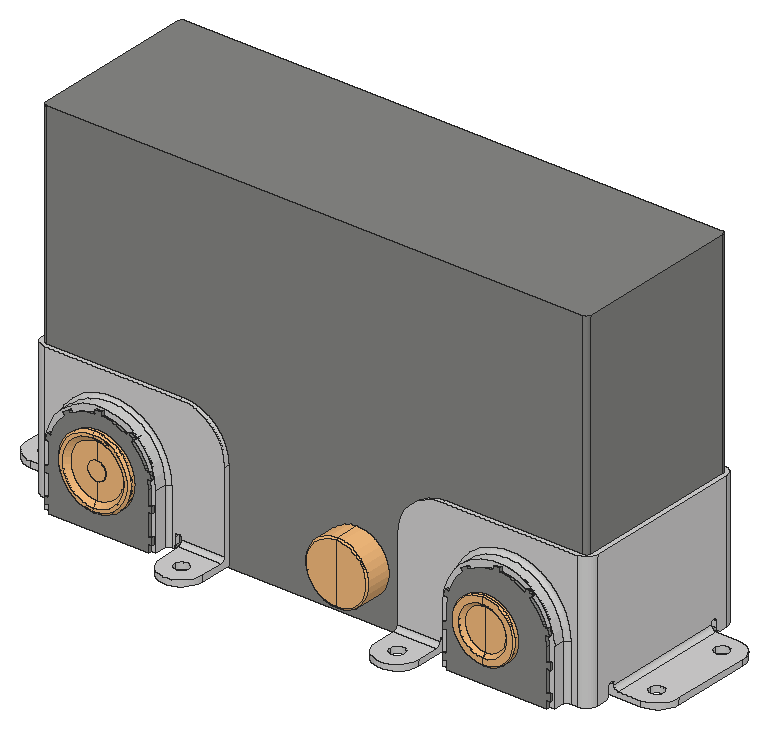
Revit family "Faucet-Valves_and_Controls-KALLISTA-P34723_1", category Plumbing Fixtures, host Face, Revit 2021 (continued)
Definition of nested family "P34723"
  Lines and regions (in)
    symbolic lines, detail levels medium+fine
      curve 210: line (0, 1.8504, 0.07802) -> (0, 1.8504, 1.91925)
      curve 211: line (0, 1.92914, 0) -> (0, 1.92914, 1.91742)
      curve 212: line (0, 1.51576, 3.99648) -> (0, 1.43702, 3.99648)
      curve 213: line (0, -1.51574, 3.99648) -> (0, -1.51574, 3.95695)
      curve 214: line (0, -1.51574, 3.95695) -> (0, -1.437, 3.95695)
      curve 215: line (0, 1.51576, 3.2092) -> (0, 1.43702, 3.2092)
      curve 216: line (0, -1.51574, 3.16852) -> (0, -1.437, 3.16852)
      curve 217: line (0, 1.51576, 5.70866) -> (0, -1.51574, 5.70866)
      curve 218: line (0, -1.437, 3.99648) -> (0, -1.51574, 3.99648)
      curve 219: line (0, -1.437, 3.99648) -> (0, -1.437, 6.10236)
      curve 220: line (0, -1.437, 3.95695) -> (0, 1.43702, 3.95695)
      curve 221: line (0, 1.43702, 3.99648) -> (0, -1.437, 3.99648)
      curve 222: line (0, 1.43702, 3.95695) -> (0, 1.43702, 3.2092)
      curve 223: line (0, 1.43702, 3.95695) -> (0, 1.51576, 3.95695)
      curve 224: line (0, 1.43702, 3.2092) -> (0, -1.437, 3.2092)
      curve 225: line (0, 1.43702, 3.16852) -> (0, 1.43702, 0.01953)
      curve 226: line (0, 1.43702, 3.16852) -> (0, 1.51576, 3.16852)
      curve 227: line (0, -1.437, 3.2092) -> (0, -1.51574, 3.2092)
      curve 228: line (0, -1.437, 3.2092) -> (0, -1.437, 3.95695)
      curve 229: line (0, -1.437, 3.16852) -> (0, 1.43702, 3.16852)
      curve 230: line (0, 1.79192, 0.01953) -> (0, 1.24188, 0.01953)
      curve 231: line (0, 1.17945, 0.08197) -> (0, 1.17945, 0.21796)
      curve 232: line (0, 1.06236, 0.21796) -> (0, 1.06236, 0.01984)
      curve 233: line (0, 0.00001, 0.01984) -> (0, 1.06236, 0.01984)
      curve 234: arc (0, 1.79192, 0.01953) -> (0, 1.83327, 0.03666) -> (0, 1.8504, 0.07802) r 0.05848
      curve 235: arc (0, 1.24188, 0.01953) -> (0, 1.19774, 0.03782) -> (0, 1.17945, 0.08197) r 0.06244
      curve 236: arc (0, 1.17945, 0.21796) -> (0, 1.12091, 0.2765) -> (0, 1.06236, 0.21796) r 0.05854
      curve 237: line (0, -1.79177, 0.01953) -> (0, -1.24174, 0.01953)
      curve 238: line (0, -1.1793, 0.08197) -> (0, -1.1793, 0.21796)
      curve 239: line (0, -1.06221, 0.21796) -> (0, -1.06221, 0.01984)
      curve 240: line (0, 0.00001, 0.01984) -> (0, -1.06221, 0.01984)
      curve 241: arc (0, -1.79177, 0.01953) -> (0, -1.83313, 0.03666) -> (0, -1.85025, 0.07802) r 0.05848
      curve 242: arc (0, -1.24174, 0.01953) -> (0, -1.19759, 0.03782) -> (0, -1.1793, 0.08197) r 0.06244
      curve 243: arc (0, -1.1793, 0.21796) -> (0, -1.12076, 0.2765) -> (0, -1.06221, 0.21796) r 0.05854
      curve 244: line (0, 1.06236, 0.17113) -> (0, -1.06221, 0.17113)
      curve 245: line (0, -1.9433, 0.33465) -> (0, -1.9433, 1.62398)
      curve 246: line (0, 1.67324, 1.95893) -> (0, 1.67324, 0.01953)
      curve 247: line (0, 1.79192, 0.01953) -> (0, 1.79192, 1.9593)
      curve 248: line (0, -1.79177, 0.01953) -> (0, -1.79177, 1.96526)
      curve 249: line (0, -1.67322, 1.96526) -> (0, -1.67322, 0.01953)
      curve 250: line (0, 1.06236, 0.0857) -> (0, -1.06221, 0.0857)
      curve 251: line (0, 0.70867, 0.0857) -> (0, 0.70867, 0.01984)
      curve 252: line (0, -0.70865, 0.0857) -> (0, -0.70865, 0.01984)
      curve 253: line (0, 1.95527, 0.01969) -> (0, 1.95527, 0.11811)
      curve 254: line (0, -1.95525, 0.01969) -> (0, -1.95525, 0.11811)
      curve 255: line (0, -1.85039, 0.15489) -> (0, -1.79177, 0.15489)
      curve 256: line (0, -1.85039, 0.25463) -> (0, -1.79177, 0.25463)
      curve 257: line (0, -1.85039, 0.70294) -> (0, -1.79177, 0.70294)
      curve 258: line (0, -1.85039, 0.7617) -> (0, -1.79177, 0.7617)
      curve 259: line (0, -1.85039, 1.21463) -> (0, -1.79177, 1.21463)
      curve 260: line (0, -1.85039, 1.31989) -> (0, -1.79177, 1.31989)
      curve 261: line (0, -1.85039, 1.82515) -> (0, -1.79177, 1.82515)
      curve 262: line (0, -1.85039, 1.86569) -> (0, -1.79177, 1.86569)
      curve 263: line (0, 1.8504, 0.15489) -> (0, 1.79192, 0.15489)
      curve 264: line (0, 1.8504, 0.25463) -> (0, 1.79192, 0.25463)
      curve 265: line (0, 1.8504, 0.70294) -> (0, 1.79192, 0.70294)
      curve 266: line (0, 1.8504, 0.7617) -> (0, 1.79192, 0.7617)
      curve 267: line (0, 1.8504, 1.21463) -> (0, 1.79192, 1.21463)
      curve 268: line (0, 1.8504, 1.31989) -> (0, 1.79192, 1.31989)
      curve 269: line (0, 1.8504, 1.82515) -> (0, 1.79192, 1.82515)
      curve 270: line (0, 1.8504, 1.86569) -> (0, 1.79192, 1.86569)
      curve 271: line (0, 1.8504, 0.98425) -> (0, 1.5945, 0.98425)
      curve 272: line (0, -1.85039, 0.98425) -> (0, -1.59448, 0.98425)
      curve 280: line (4.6752, 0, 3.95695) -> (4.6752, 0, 3.20816)
      curve 281: line (4.6752, 0, 3.16969) -> (4.6752, 0, 2.38189)
      curve 282: line (-4.6752, 0, 3.16969) -> (-4.6752, 0, 2.38189)
      curve 283: line (-4.6752, 0, 3.95695) -> (-4.6752, 0, 3.20816)
      curve 284: line (3.29724, -1.49214, 3.18907) -> (3.29724, 1.49214, 3.18907)
      curve 285: line (3.29724, 1.48717, 3.9783) -> (3.29724, -1.48717, 3.9783)
    reference lines
      curve 151: line (0.73819, 1.51575, 0.88583) -> (0.73819, 3.2874, 0.88583)
      curve 152: line (3.29724, 3.71496, 0.88583) -> (3.29724, 1.51575, 0.88583)
    symbolic lines, detail levels coarse
      curve 273: line (-1.0824, 0, 4.87175) -> (1.08295, 0, 3.69065)
      curve 274: line (1.08295, 0, 4.87175) -> (-1.0824, 0, 3.69065)
      curve 275: line (-1.0824, 0, 3.69065) -> (-1.0824, 0, 4.87175)
      curve 276: line (0.00028, 0, 4.2812) -> (0.00028, 0, 3.21548)
      curve 277: line (1.08295, 0, 4.87175) -> (1.08295, 0, 3.69065)
      curve 278: line (-1.09958, 0, 3.21548) -> (1.06577, 0, 3.21548)
      curve 279: arc (-1.09958, 0, 3.21548) -> (-0.0169, 0, 2.45091) -> (1.06577, 0, 3.21548) r 1.14885
  Dimensions and locks (in)
    plane 7 to level = 6.10236"
    plane 5 to plane 6 = 4.88187"
    plane 12 to plane 13 = 3.97638"
    plane 4 to plane 15 = 11.39764"
    plane 16 to plane 17 = 3.0315"
    plane 21 to plane 20 = 9.70472"
    "Connector1 Distance": plane 22 to plane 16
    locked: Revolve 27 sketch curve to Revolve 27 sketch curve at 0.18305
    "Connector2 Distance": plane 17 to plane 23
    locked: Revolve 28 sketch curve to Revolve 28 sketch curve at 0.26513
    "Connector1 angel": angle curve 151 to plane 19 "3"
    "Connetor2 angel": angle curve 152 to plane 8 "2"
    aligned and locked: plane 2 to level
    aligned and locked: plane 22 to curve 151
    aligned and locked: Revolve 27 sketch curve to curve 151
    aligned and locked: Revolve 27 sketch curve to Revolve 27 sketch curve
    aligned and locked: plane 23 to curve 152
    aligned and locked: curve 152 to Revolve 28 sketch curve  (x2)
  Automatic sketch dimensions
    plane 16 to Extrusion 1 sketch curve = 0"
    Extrusion 1 sketch curve to plane 17 = 0"
    Extrusion 1 sketch curve to plane 21 = 0.09843"
    Extrusion 1 sketch curve to Extrusion 1 sketch curve = 0.07874"  (x3)
    plane 16 to Extrusion 1 sketch curve = 0.07874"
    Extrusion 1 sketch curve to plane 20 = 0.17717"
    plane 21 to Extrusion 2 sketch curve = 0"
    Extrusion 2 sketch curve to plane 20 = 0"
    level to Extrusion 2 sketch curve = 0.01969"  (x4)
    Extrusion 2 sketch curve to plane 14 = 0.54331"
    Extrusion 2 sketch curve to Extrusion 2 sketch curve = 0.05118"  (x2)
    Extrusion 2 sketch curve to Extrusion 2 sketch curve = 0.05906"  (x2)
    Extrusion 2 sketch curve to plane 14 = 0.41339"
    plane 14 to Extrusion 2 sketch curve = 0.37402"
    plane 18 to Extrusion 2 sketch curve = 0.37402"
    Extrusion 2 sketch curve to plane 18 = 0.37402"
    Extrusion 2 sketch curve to plane 18 = 0.41339"
    Extrusion 2 sketch curve to Extrusion 2 sketch curve = 0.14564"  (x2)
    plane 10 to Extrusion 2 sketch curve = 0.61024"  (x2)
    Sweep 3 sketch curve to profile plane = 0"  (x2)
    Sweep 3 sketch curve to profile plane = 0.19685"
    Sweep 4 sketch curve to profile plane = 0"  (x2)
    Sweep 4 sketch curve to profile plane = 0.19685"
    profile plane to Sweep 5 sketch curve = 0"
    Sweep 5 sketch curve to profile plane = 0"
    Sweep 5 sketch curve to profile plane = 0.19685"
    profile plane to Sweep 6 sketch curve = 0"
    Sweep 6 sketch curve to profile plane = 0"
    Sweep 6 sketch curve to profile plane = 0.19685"
    Extrusion 7 sketch curve to Extrusion 7 sketch curve = 0"  (x8)
    Extrusion 7 sketch curve to plane 4 = 0"
    Extrusion 7 sketch curve to plane 25 = 0"  (x2)
    Extrusion 7 sketch curve to plane 27 = 0"  (x4)
    Extrusion 7 sketch curve to plane 26 = 0"  (x2)
    Extrusion 7 sketch curve to plane 21 = 0"
    Extrusion 7 sketch curve to plane 14 = 0"  (x2)
    Extrusion 7 sketch curve to plane 18 = 0"  (x2)
    Extrusion 7 sketch curve to plane 20 = 0"
    Extrusion 7 sketch curve to plane 28 = 0"  (x4)
    Extrusion 7 sketch curve to plane 15 = 0"
    Extrusion 7 sketch curve to plane 16 = 0.07874"  (x2)
    Extrusion 7 sketch curve to plane 14 = 0.37401"  (x2)
    Extrusion 7 sketch curve to plane 17 = 0.07874"  (x2)
    plane 18 to Extrusion 7 sketch curve = 0.37401"  (x2)
    plane 13 to Extrusion 7 sketch curve = 0.07874"  (x2)
    Extrusion 7 sketch curve to Extrusion 7 sketch curve = 0.35433"
    Extrusion 7 sketch curve to plane 26 = 0.35433"
    Extrusion 7 sketch curve to plane 25 = 0.01969"  (x2)
    plane 12 to Extrusion 7 sketch curve = 0.07874"  (x2)
    level to Extrusion 8 sketch curve = 0.01969"  (x2)
    Extrusion 8 sketch curve to plane 21 = 0.40354"
    plane 10 to Extrusion 8 sketch curve = 0.00264"
    plane 9 "1" to Extrusion 8 sketch curve = 0.01473"
    plane 10 to Extrusion 8 sketch curve = 0.00659"
    Extrusion 8 sketch curve to plane 18 = 0.62008"
    Extrusion 8 sketch curve to plane 8 "2" = 0.17717"
    Extrusion 9 sketch curve to Extrusion 9 sketch curve = 0"  (x66)
    Extrusion 9 sketch curve to level = 0"  (x2)
    Extrusion 9 sketch curve to plane 10 = 0"  (x3)
    Extrusion 9 sketch curve to plane 9 "1" = 0"
    plane 8 "2" to Extrusion 9 sketch curve = 0"
    Extrusion 9 sketch curve to plane 11 "A" = 0"
    Extrusion 9 sketch curve to plane 9 "1" = 0.04432"
    Extrusion 9 sketch curve to Extrusion 9 sketch curve = 0.43249"  (x3)
    Extrusion 9 sketch curve to Extrusion 9 sketch curve = 0.03644"  (x8)
    Extrusion 9 sketch curve to Extrusion 9 sketch curve = 0.09307"  (x4)
    plane 10 to Extrusion 9 sketch curve = 0.26874"  (x4)
    Extrusion 9 sketch curve to Extrusion 9 sketch curve = 0.24912"  (x3)
    plane 10 to Extrusion 9 sketch curve = 0.15414"  (x3)
    Extrusion 9 sketch curve to Extrusion 9 sketch curve = 0.02857"  (x4)
    Extrusion 9 sketch curve to plane 21 = 0.50197"
    Extrusion 9 sketch curve to Extrusion 9 sketch curve = 0.05742"  (x3)
    plane 10 to Extrusion 9 sketch curve = 0.16845"  (x3)
    Extrusion 9 sketch curve to Extrusion 9 sketch curve = 0.05906"  (x9)
    plane 9 "1" to Extrusion 9 sketch curve = 0.07379"
    Extrusion 9 sketch curve to plane 14 = 0.7185"
    plane 10 to Extrusion 9 sketch curve = 0.28306"  (x2)
    plane 11 "A" to Extrusion 9 sketch curve = 0.1378"
    Extrusion 9 sketch curve to plane 18 = 0.65945"
    Extrusion 9 sketch curve to Extrusion 9 sketch curve = 0.0153"
    level to Extrusion 9 sketch curve = 1.13839"
    plane 8 "2" to Extrusion 9 sketch curve = 0.44389"
    Extrusion 9 sketch curve to plane 8 "2" = 0.11811"
    Extrusion 9 sketch curve to Extrusion 9 sketch curve = 0.11811"  (x9)
    Extrusion 9 sketch curve to Extrusion 9 sketch curve = 0.1378"  (x3)
    level to Extrusion 9 sketch curve = 0.1378"
    plane 11 "A" to Extrusion 9 sketch curve = 0.25591"  (x3)
    Extrusion 9 sketch curve to Extrusion 9 sketch curve = 0.04664"  (x4)
    Extrusion 9 sketch curve to Extrusion 9 sketch curve = 0.05918"  (x2)
    Revolve 10 sketch curve to plane 10 = 0"  (x3)
    Revolve 10 sketch curve to plane 13 = 0"
    Revolve 10 sketch curve to plane 12 = 0"
    Revolve 10 sketch curve to plane 16 = 0"
    Revolve 10 sketch curve to plane 17 = 0"
    Revolve 10 sketch curve to plane 12 = 0.07881"
    plane 10 to Revolve 10 sketch curve = 0.46454"  (x2)
    Revolve 10 sketch curve to plane 13 = 0.07881"
    Revolve 10 sketch curve to Revolve 10 sketch curve = 0.07881"  (x2)
    Revolve 10 sketch curve to Revolve 10 sketch curve = 0.05704"  (x2)
    Revolve 10 sketch curve to Revolve 10 sketch curve = 0.03942"
    Revolve 10 sketch curve to Revolve 10 sketch curve = 0.17527"
    Revolve 10 sketch curve to plane 12 = 0.03942"
    Revolve 10 sketch curve to plane 13 = 0.03942"
    plane 5 to Revolve 10 sketch curve = 0.19685"
    Revolve 10 sketch curve to Revolve 10 sketch curve = 0.07874"
    plane 11 "A" to Revolve 11 sketch curve = 0"  (x3)
    Revolve 11 sketch curve to plane 13 = 0.07881"
    plane 10 to Revolve 11 sketch curve = 0.26086"  (x2)
    Revolve 11 sketch curve to plane 12 = 0.07881"
    Revolve 11 sketch curve to plane 12 = 0.01969"
    Revolve 11 sketch curve to Revolve 11 sketch curve = 0.05913"  (x2)
    Revolve 11 sketch curve to plane 13 = 0.01969"
    Revolve 11 sketch curve to Revolve 11 sketch curve = 0.11308"  (x2)
    Revolve 11 sketch curve to plane 13 = 0.04488"
    Revolve 11 sketch curve to Revolve 11 sketch curve = 0.01969"  (x2)
    Revolve 11 sketch curve to Revolve 11 sketch curve = 0.0252"
    Revolve 11 sketch curve to plane 16 = 0.09843"
    Revolve 11 sketch curve to plane 17 = 0.09843"
    plane 5 to Revolve 11 sketch curve = 0.32325"
    Revolve 11 sketch curve to plane 6 = 0.16487"
    profile plane to Sweep 12 sketch curve = 0"
    Sweep 12 sketch curve to profile plane = 0"
    Sweep 12 sketch curve to Sweep 12 sketch curve = 0.07874"
    Sweep 13 sketch curve to profile plane = 0"
    profile plane to Sweep 13 sketch curve = 0"
    profile plane to Sweep 13 sketch curve = 0.07874"
    profile plane to Sweep 14 sketch curve = 0"
    Sweep 14 sketch curve to profile plane = 0"
    Sweep 14 sketch curve to Sweep 14 sketch curve = 0.07874"
    Extrusion 15 sketch curve to plane 9 "1" = 0.16243"
    Extrusion 15 sketch curve to Extrusion 15 sketch curve = 0.07874"  (x2)
    level to Extrusion 15 sketch curve = 0.11811"  (x2)
    Extrusion 15 sketch curve to plane 8 "2" = 0.27559"
    Extrusion 16 sketch curve to plane 17 = 0.15748"
    Extrusion 16 sketch curve to Extrusion 16 sketch curve = 0.07874"  (x2)
    Extrusion 16 sketch curve to plane 16 = 0.07874"
    level to Extrusion 16 sketch curve = 0.11811"  (x2)
    Extrusion 17 sketch curve to plane 17 = 0.15748"
    Extrusion 17 sketch curve to Extrusion 17 sketch curve = 0.07874"  (x2)
    Extrusion 17 sketch curve to plane 16 = 0.07874"
    level to Extrusion 17 sketch curve = 0.11811"  (x2)
    Extrusion 19 sketch curve to level = 0"  (x2)
    Extrusion 19 sketch curve to plane 21 = 0.50197"
    plane 10 to Extrusion 19 sketch curve = 0.00545"  (x2)
    plane 9 "1" to Extrusion 19 sketch curve = 0.01473"
    plane 8 "2" to Extrusion 19 sketch curve = 0.69882"
    Extrusion 19 sketch curve to plane 8 "2" = 0.17717"
    Extrusion 21 sketch curve to Extrusion 21 sketch curve = 0"  (x16)
    Extrusion 21 sketch curve to plane 4 = 0"
    Extrusion 21 sketch curve to plane 26 = 0"  (x2)
    Extrusion 21 sketch curve to plane 25 = 0"  (x2)
    Extrusion 21 sketch curve to plane 27 = 0"  (x2)
    Extrusion 21 sketch curve to plane 21 = 0"
    Extrusion 21 sketch curve to plane 5 = 0"  (x2)
    plane 6 to Extrusion 21 sketch curve = 0"  (x2)
    Extrusion 21 sketch curve to plane 20 = 0"
    Extrusion 21 sketch curve to plane 28 = 0"  (x2)
    Extrusion 21 sketch curve to plane 15 = 0"
    Extrusion 21 sketch curve to plane 14 = 0.37401"  (x2)
    Extrusion 21 sketch curve to plane 17 = 0.07874"  (x2)
    plane 14 to Extrusion 21 sketch curve = 0"  (x2)
    plane 14 to Extrusion 21 sketch curve = 0.37402"  (x2)
    plane 18 to Extrusion 21 sketch curve = 0.37401"  (x2)
    Extrusion 21 sketch curve to plane 18 = 0"  (x2)
    Extrusion 21 sketch curve to plane 16 = 0.07874"  (x2)
    Extrusion 21 sketch curve to plane 18 = 0.37402"  (x2)
    plane 13 to Extrusion 21 sketch curve = 0.07874"  (x2)
    Extrusion 21 sketch curve to plane 26 = 0.35433"  (x2)
    plane 25 to Extrusion 21 sketch curve = 0.35433"  (x2)
    plane 12 to Extrusion 21 sketch curve = 0.07874"  (x2)
    Extrusion 21 sketch curve to plane 27 = 0.12598"  (x2)
    Extrusion 21 sketch curve to plane 14 = 0.12598"  (x2)
    plane 18 to Extrusion 21 sketch curve = 0.12598"  (x2)
    Extrusion 21 sketch curve to Extrusion 21 sketch curve = 0.12598"  (x2)
    Extrusion 22 sketch curve to plane 9 "1" = 0"
    plane 8 "2" to Extrusion 22 sketch curve = 0"
    Extrusion 22 sketch curve to plane 11 "A" = 0"
    Extrusion 22 sketch curve to plane 10 = 0"
    plane 21 to Extrusion 23 sketch curve = 0"
    Extrusion 23 sketch curve to plane 20 = 0"
    Extrusion 23 sketch curve to Extrusion 23 sketch curve = 0.07874"  (x2)
    level to Extrusion 23 sketch curve = 0.11811"  (x2)
    Revolve 24 sketch curve to plane 16 = 0"
    Revolve 24 sketch curve to plane 17 = 0"
    plane 11 "A" to Revolve 24 sketch curve = 0"  (x3)
    Revolve 24 sketch curve to plane 13 = 0.01969"
    plane 10 to Revolve 24 sketch curve = 0.42443"  (x2)
    Revolve 24 sketch curve to plane 12 = 0.01969"
    Revolve 24 sketch curve to Revolve 24 sketch curve = 0.02833"  (x3)
    Revolve 24 sketch curve to plane 12 = 0.04801"
    plane 5 to Revolve 24 sketch curve = 1.51581"
    plane 6 to Revolve 24 sketch curve = 0.49208"
    Sweep 25 sketch curve to profile plane = 0"
    profile plane to Sweep 25 sketch curve = 0"
    profile plane to Sweep 25 sketch curve = 0.07874"
    Extrusion 26 sketch curve to Extrusion 26 sketch curve = 0"  (x2)
    plane 19 "3" to Extrusion 26 sketch curve = 0"
    Extrusion 26 sketch curve to plane 11 "A" = 0"
    level to Extrusion 26 sketch curve = 0.33465"
    curve 151 to Revolve 27 sketch curve = 0.2697"
    Revolve 27 sketch curve to Revolve 27 sketch curve = 0.1335"
    Revolve 27 sketch curve to Revolve 27 sketch curve = 0.06371"
    Revolve 27 sketch curve to curve 151 = 0.58141"
    level to Extrusion 29 sketch curve = 0.09675"
    plane 17 to Extrusion 29 sketch curve = 0.2484"
    level to Extrusion 29 sketch curve = 0.01969"  (x2)
    Extrusion 29 sketch curve to Extrusion 29 sketch curve = 0.0353"  (x2)
    Extrusion 29 sketch curve to Extrusion 29 sketch curve = 0.05949"  (x2)
    plane 25 to Extrusion 29 sketch curve = 0.35433"
    Extrusion 29 sketch curve to Extrusion 29 sketch curve = 0.04947"
    Extrusion 29 sketch curve to Extrusion 29 sketch curve = 0.11958"  (x2)
    level to Extrusion 30 sketch curve = 0.09675"
    plane 17 to Extrusion 30 sketch curve = 0.2484"
    level to Extrusion 30 sketch curve = 0.01969"  (x2)
    Extrusion 30 sketch curve to Extrusion 30 sketch curve = 0.0353"  (x2)
    Extrusion 30 sketch curve to Extrusion 30 sketch curve = 0.05949"  (x2)
    plane 25 to Extrusion 30 sketch curve = 0.35433"
    Extrusion 30 sketch curve to Extrusion 30 sketch curve = 0.04947"
    Extrusion 30 sketch curve to Extrusion 30 sketch curve = 0.11958"  (x2)
    Revolve 31 sketch curve to plane 10 = 0"  (x3)
    Revolve 31 sketch curve to plane 13 = 0"
    Revolve 31 sketch curve to plane 12 = 0"
    Revolve 31 sketch curve to plane 16 = 0"
    Revolve 31 sketch curve to plane 17 = 0"
    Revolve 31 sketch curve to plane 12 = 0.07881"
    plane 10 to Revolve 31 sketch curve = 0.46454"  (x2)
    Revolve 31 sketch curve to plane 13 = 0.07881"
    Revolve 31 sketch curve to Revolve 31 sketch curve = 0.07881"  (x2)
    Revolve 31 sketch curve to Revolve 31 sketch curve = 0.05704"  (x2)
    Revolve 31 sketch curve to Revolve 31 sketch curve = 0.03942"
    Revolve 31 sketch curve to Revolve 31 sketch curve = 0.17527"
    Revolve 31 sketch curve to plane 12 = 0.03942"
    Revolve 31 sketch curve to plane 13 = 0.03942"
    plane 5 to Revolve 31 sketch curve = 0.19685"
    plane 16 to Revolve 31 sketch curve = 0.07874"
    Extrusion 32 sketch curve to plane 10 = 0"
    Extrusion 32 sketch curve to plane 9 "1" = 0.00003"
    Masking region 1 sketch curve to plane 4 = 0"
    plane 21 to Masking region 1 sketch curve = 0"
    Masking region 1 sketch curve to level = 0"
    Masking region 1 sketch curve to plane 7 = 0"
    Masking region 1 sketch curve to plane 20 = 0"
    plane 15 to Masking region 1 sketch curve = 0"
    Masking region 1 sketch curve to Masking region 1 sketch curve = 0.07874"  (x2)
    level to Masking region 1 sketch curve = 0.01969"  (x2)
    Masking region 1 sketch curve to plane 21 = 0.0723"
    Masking region 1 sketch curve to plane 21 = 0.09843"
    Masking region 1 sketch curve to Masking region 1 sketch curve = 0"  (x2)
    Masking region 1 sketch curve to Masking region 1 sketch curve = 0.02612"  (x2)
    Masking region 1 sketch curve to Masking region 1 sketch curve = 0.02578"
    Masking region 1 sketch curve to Masking region 1 sketch curve = 0.02747"
    Masking region 1 sketch curve to plane 20 = 0.12161"
    Masking region 1 sketch curve to plane 20 = 0.09843"
    Masking region 1 sketch curve to Masking region 1 sketch curve = 0.09465"
    Masking region 1 sketch curve to plane 20 = 0.09465"
    Masking region 1 sketch curve to Masking region 1 sketch curve = 0.02696"
    Masking region 1 sketch curve to Masking region 1 sketch curve = 0.09843"  (x2)
    plane 10 to Masking region 1 sketch curve = 1.39764"  (x2)
    Masking region 1 sketch curve to Masking region 1 sketch curve = 0.78735"
    Masking region 1 sketch curve to Masking region 1 sketch curve = 0.7878"
    Masking region 1 sketch curve to Masking region 1 sketch curve = 0.02087"
    Masking region 1 sketch curve to Masking region 1 sketch curve = 0.01805"
    Masking region 1 sketch curve to Masking region 1 sketch curve = 0.03881"
    Masking region 1 sketch curve to Masking region 1 sketch curve = 0.74834"
    Masking region 1 sketch curve to Masking region 1 sketch curve = 0.74845"
    Masking region 1 sketch curve to Masking region 1 sketch curve = 0.02388"
    Masking region 1 sketch curve to Masking region 1 sketch curve = 3/128"
    Masking region 1 sketch curve to Masking region 1 sketch curve = 0.01583"
    Masking region 1 sketch curve to Masking region 1 sketch curve = 0.01586"
    Masking region 1 sketch curve to Masking region 1 sketch curve = 0.02523"
    Masking region 1 sketch curve to Masking region 1 sketch curve = 0.01838"
    curve 25 to curve 26 = 0"
    curve 25 to curve 27 = 0"
    curve 25 to curve 28 = 0"  (x2)
    curve 25 to curve 31 = 0"
    curve 26 to curve 27 = 0"
    curve 42 to curve 46 = 0"  (x2)
    curve 42 to curve 50 = 0"  (x2)
    curve 42 to curve 54 = 0"  (x2)
    curve 42 to curve 58 = 0"  (x2)
    curve 42 to curve 62 = 0"  (x2)
    curve 99 to curve 103 = 0"
    curve 99 to curve 107 = 0"
    curve 99 to curve 111 = 0"
    curve 99 to curve 115 = 0"  (x2)
    curve 99 to curve 119 = 0"  (x2)
    curve 103 to curve 107 = 0"
    curve 103 to curve 111 = 0"
    curve 103 to curve 115 = 0"
    curve 139 to curve 141 = 0"
    curve 139 to curve 142 = 0"
    curve 140 to curve 141 = 0"
    curve 140 to curve 142 = 0"
    curve 141 to curve 142 = 0"  (x2)
    curve 148 to curve 150 = 0"
    curve 148 to curve 198 = 0"
    curve 149 to curve 195 = 0"
    curve 150 to curve 195 = 0"
    curve 150 to curve 197 = 0"  (x2)
    curve 195 to curve 197 = 0"
    curve 196 to curve 197 = 0"
    curve 196 to curve 198 = 0"  (x2)
    plane 21 to curve 14 = 0"
    plane 21 to curve 67 = 0"
    curve 155 to plane 7 = 0"
    curve 170 to plane 10 = 0"
    curve 33 to level = 0"
    curve 30 to plane 9 "1" = 0"
    curve 68 to level = 0"
    curve 197 to plane 11 "A" = 0"
    plane 19 "3" to curve 197 = 0"
    curve 168 to plane 10 = 0"
    curve 124 to level = 0"
    plane 8 "2" to curve 142 = 0"
    curve 90 to level = 0"
    curve 156 to plane 7 = 0"
    curve 159 to plane 20 = 0"
    curve 79 to plane 20 = 0"
    curve 142 to plane 11 "A" = 0"
    curve 25 to plane 10 = 0"
    level to curve 163 = 0.01969"
    curve 163 to curve 67 = 0.07874"
    curve 166 to curve 163 = 0.0135"
    plane 10 to curve 64 = 0.00659"
    curve 64 to plane 21 = 0.3248"
    plane 10 to curve 63 = 0.00264"
    curve 65 to curve 63 = 0.07874"
    curve 66 to curve 40 = 0.03937"
    curve 199 to curve 36 = 0.03937"
    plane 10 to curve 43 = 0.16845"
    curve 66 to curve 43 = 7/128"
    curve 43 to curve 43 = 0.02857"
    curve 66 to curve 170 = 0.09843"
    curve 34 to curve 33 = 0.05906"
    curve 38 to curve 38 = 0.05906"
    level to curve 45 = 1.13839"
    curve 43 to curve 45 = 0.05742"
    plane 10 to curve 44 = 0.26874"
    curve 44 to curve 47 = 0.21269"
    level to curve 47 = 1.63661"
    curve 47 to curve 49 = 0.09307"
    curve 48 to curve 49 = 0.03644"
    curve 51 to plane 9 "1" = 0.04432"
    curve 66 to curve 42 = 0"
    curve 65 to curve 66 = 0"
    plane 9 "1" to curve 53 = 0.07379"
    plane 9 "1" to curve 182 = 0.27115"
    curve 187 to curve 178 = 0.00018"
    plane 10 to curve 190 = 0.14092"
    curve 179 to curve 190 = 0.02764"
    plane 10 to curve 194 = 0.04817"
    curve 183 to curve 194 = 0.03144"
    curve 182 to curve 180 = 0.07516"
    plane 10 to curve 189 = 0.06213"
    curve 194 to curve 189 = 0.03614"
    plane 10 to curve 180 = 0.17077"
    curve 179 to curve 180 = 0.03003"
    plane 10 to curve 189 = 0.13086"
    curve 180 to curve 189 = 0.03339"
    curve 180 to curve 184 = 0.0611"
    curve 184 to curve 181 = 0.01718"
    curve 54 to curve 56 = 0.43249"
    plane 11 "A" to curve 186 = 0.02017"
    curve 186 to curve 186 = 0.15262"
    curve 54 to curve 56 = 0.03644"
    curve 54 to curve 57 = 0.09307"
    curve 57 to curve 55 = 0.03644"
    plane 10 to curve 61 = 0.26874"
    curve 61 to curve 66 = 0.14067"
    plane 10 to curve 59 = 0.15414"
    curve 58 to curve 59 = 0.02857"
    curve 68 to curve 200 = 0.09843"
    curve 72 to curve 68 = 0"
    plane 10 to curve 60 = 0.28306"
    curve 61 to curve 60 = 0.05742"
    curve 68 to curve 70 = 0.05906"
    curve 75 to curve 75 = 0.05906"
    curve 23 to curve 78 = 0.00197"
    curve 20 to curve 19 = 0.05118"
    curve 17 to curve 17 = 0.05906"
    curve 15 to plane 14 = 0.41339"
    level to curve 21 = 0.01969"
    plane 14 to curve 21 = 0.37402"
    plane 18 to curve 81 = 0.37402"
    level to curve 86 = 0.01969"
    curve 86 to plane 18 = 0.37402"
    curve 80 to plane 18 = 0.41339"
    curve 82 to curve 82 = 0.05906"
    plane 10 to curve 134 = 0.00659"
    curve 134 to plane 18 = 0.54134"
    curve 134 to curve 85 = 0.00197"
    plane 10 to curve 133 = 0.00264"
    curve 122 to curve 133 = 0.07874"
    curve 123 to curve 131 = 0.03937"
    curve 201 to curve 125 = 0.03937"
    plane 10 to curve 116 = 0.16845"
    curve 123 to curve 116 = 7/128"
    plane 10 to curve 118 = 0.28306"
    curve 116 to curve 118 = 0.02857"
    curve 125 to curve 125 = 0.05906"
    curve 126 to curve 127 = 0.05906"
    curve 130 to curve 131 = 0.05906"
    level to curve 116 = 1.13839"
    plane 10 to curve 118 = 0.26874"
    plane 8 "2" to curve 114 = 0.44389"
    curve 112 to curve 114 = 0.03644"
    curve 112 to curve 113 = 0.09307"
    curve 112 to curve 113 = 0.03644"
    curve 109 to plane 8 "2" = 0.11811"
    curve 123 to curve 99 = 0"
    curve 122 to curve 123 = 0"
    curve 110 to curve 108 = 0.11811"
    curve 108 to curve 106 = 0.43249"
    curve 107 to curve 106 = 0.03644"
    curve 107 to curve 104 = 0.09307"
    curve 103 to curve 105 = 0.03644"
    plane 10 to curve 101 = 0.26874"
    curve 101 to curve 123 = 0.14067"
    plane 10 to curve 102 = 0.15414"
    curve 101 to curve 102 = 0.02857"
    curve 90 to curve 120 = 0.09843"
    curve 93 to curve 90 = 0"
    curve 103 to curve 100 = 0.05742"
    plane 10 to curve 100 = 0.16845"
    curve 97 to curve 96 = 0.05906"
    curve 93 to curve 93 = 0.05906"
    level to curve 161 = 0.01969"
    curve 159 to curve 161 = 0.07874"
    curve 161 to curve 167 = 0.00893"
    level to curve 23 = 0.01969"
    level to curve 88 = 0.01969"
    curve 33 to curve 33 = 0.1378"
    level to curve 90 = 0.1378"
    curve 23 to curve 68 = 0.11811"
    curve 88 to curve 124 = 0.11811"
    curve 161 to curve 167 = 0.14093"
    curve 163 to curve 166 = 0.17552"
    curve 19 to curve 19 = 0.14564"
    curve 85 to curve 83 = 0.14564"
    curve 68 to curve 72 = 0.11811"
    curve 33 to curve 36 = 0.11811"
    curve 90 to curve 94 = 0.11811"
    curve 125 to curve 126 = 0.11811"
    plane 11 "A" to curve 73 = 0.25591"
    plane 11 "A" to curve 94 = 0.25591"
    plane 11 "A" to curve 128 = 0.25591"
    plane 11 "A" to curve 39 = 0.25591"
    curve 129 to curve 130 = 0.11811"
    curve 37 to curve 41 = 0.11811"
    curve 72 to curve 76 = 0.11811"
    curve 94 to curve 98 = 0.11811"
    curve 184 to curve 179 = 0.0741"
    curve 179 to curve 188 = 0.00232"
    curve 182 to curve 188 = 0.02791"
    plane 10 to curve 16 = 0.61024"
    curve 117 to curve 80 = 0.32718"
    curve 46 to curve 48 = 0.04664"
    curve 57 to curve 57 = 0.04664"
    curve 114 to curve 112 = 0.04664"
    curve 103 to curve 104 = 0.04664"
    curve 53 to curve 52 = 0.05918"
    curve 107 to curve 109 = 0.05918"
    plane 21 to curve 165 = 0.02306"
    plane 27 to curve 164 = 0.12598"
    level to curve 24 = 0.01969"
    curve 24 to plane 21 = 0.0723"
    curve 175 to plane 21 = 0.09843"
    curve 172 to plane 21 = 0.09843"
    curve 143 to plane 21 = 0.09843"
    curve 172 to curve 173 = 0.00038"
    curve 175 to curve 176 = 0.00055"
    curve 175 to curve 177 = 0.02578"
    curve 172 to curve 174 = 0.02747"
    curve 282 to plane 21 = 0.17717"
    curve 24 to curve 157 = 0.12455"
    curve 65 to curve 170 = 0.00069"
    curve 182 to plane 9 "1" = 0.41056"
    plane 10 to curve 190 = 0.17136"
    curve 190 to curve 181 = 0.00023"
    curve 192 to plane 11 "A" = 0.03257"
    curve 171 to curve 78 = 0.00042"
    curve 168 to curve 134 = 0.00035"
    level to curve 158 = 0.01969"
    curve 121 to curve 158 = 0.12795"
    curve 158 to curve 281 = 0.01969"
    curve 174 to plane 20 = 0.12161"
    curve 177 to plane 20 = 0.11988"
    curve 143 to plane 20 = 0.09843"
    curve 177 to curve 175 = 0.02517"
    curve 174 to curve 172 = 0.02695"
    curve 177 to curve 176 = 0.02523"
    curve 174 to curve 173 = 0.02696"
    curve 89 to plane 20 = 0.0723"
    plane 20 to curve 162 = 0.02306"
    level to curve 160 = 0.01969"
    plane 28 to curve 160 = 0.12598"
    level to curve 67 = 0.01969"
    level to curve 164 = 0.01969"
    level to curve 159 = 0.01969"
    curve 166 to curve 165 = 0.00983"
    curve 167 to curve 162 = 0.00519"
    curve 88 to curve 201 = 0.04921"
    curve 63 to curve 199 = 0.04921"
    curve 120 to curve 202 = 0.04921"
    curve 77 to curve 200 = 0.04921"
    curve 163 to curve 166 = 0.0771"
    curve 161 to curve 167 = 0.0425"
    curve 160 to curve 160 = 0.09843"
    curve 87 to curve 154 = 0.09839"
    curve 22 to curve 153 = 0.09839"
    curve 164 to curve 164 = 0.09843"
    curve 161 to curve 162 = 0.02306"
    curve 163 to curve 165 = 0.02306"
    curve 165 to curve 67 = 0.07536"
    curve 162 to curve 159 = 0.13464"
    level to curve 135 = 0.33465"
    level to curve 150 = 0.33465"
    curve 28 to curve 25 = 0.17527"
    curve 135 to curve 141 = 0.01969"
    curve 147 to curve 148 = 0.02833"
    curve 28 to curve 30 = 0.03942"
    curve 27 to curve 26 = 0.05704"
    curve 136 to curve 137 = 0.11308"
    curve 137 to curve 138 = 0.05913"
    curve 187 to curve 178 = 0.00056"
    curve 282 to curve 176 = 0.7878"
    curve 176 to curve 177 = 0.02043"
    curve 175 to curve 173 = 0.74878"
    curve 173 to curve 174 = 3/128"
    curve 174 to curve 172 = 0.01586"
    curve 143 to plane 7 = 0.39247"
    Masking region 3 sketch curve to plane 16 = 0"  (x3)
    Masking region 3 sketch curve to plane 17 = 0"  (x3)
    Masking region 3 sketch curve to plane 12 = 0"
    Masking region 3 sketch curve to plane 13 = 0"
    Masking region 3 sketch curve to plane 5 = 0"
    Masking region 3 sketch curve to plane 6 = 0"
    Masking region 3 sketch curve to plane 7 = 0.00033"
    Masking region 3 sketch curve to Masking region 3 sketch curve = 2.10588"  (x2)
    plane 17 to Masking region 3 sketch curve = 0.02858"
    Masking region 3 sketch curve to Masking region 3 sketch curve = 0.01786"  (x2)
    plane 16 to Masking region 3 sketch curve = 0.02858"
    Masking region 3 sketch curve to Masking region 3 sketch curve = 0.02167"  (x2)
    Masking region 3 sketch curve to Masking region 3 sketch curve = 0.74775"  (x2)
    plane 17 to Masking region 3 sketch curve = 0.0236"
    Masking region 3 sketch curve to Masking region 3 sketch curve = 0.01981"  (x2)
    plane 16 to Masking region 3 sketch curve = 0.0236"
    Masking region 3 sketch curve to Masking region 3 sketch curve = 0.02087"  (x2)
    Masking region 3 sketch curve to Masking region 3 sketch curve = 0.78631"  (x2)
    Masking region 3 sketch curve to plane 17 = 0.15748"
    Masking region 3 sketch curve to Masking region 3 sketch curve = 0.33822"
    Masking region 3 sketch curve to plane 16 = 0.07874"
    Masking region 3 sketch curve to Masking region 3 sketch curve = 0.34417"
    Masking region 3 sketch curve to Masking region 3 sketch curve = 0.07874"  (x3)
    Masking region 3 sketch curve to Masking region 3 sketch curve = 0.04005"
    Masking region 3 sketch curve to Masking region 3 sketch curve = 0.04783"
    Masking region 3 sketch curve to plane 12 = 0.05906"  (x2)
    Masking region 3 sketch curve to Masking region 3 sketch curve = 0.27556"
    Masking region 3 sketch curve to plane 13 = 0.09843"  (x2)
    Masking region 3 sketch curve to Masking region 3 sketch curve = 0.29337"
    Masking region 3 sketch curve to Masking region 3 sketch curve = 0.05906"
    Masking region 3 sketch curve to Masking region 3 sketch curve = 0.03942"
    level to Masking region 3 sketch curve = 0.38354"  (x2)
    Masking region 3 sketch curve to plane 12 = 0.01969"
    Masking region 3 sketch curve to Masking region 3 sketch curve = 0.02954"
    Masking region 3 sketch curve to Masking region 3 sketch curve = 0.04922"
    Masking region 3 sketch curve to Masking region 3 sketch curve = 0.03076"
    level to Masking region 3 sketch curve = 0.11778"  (x2)
    level to Masking region 3 sketch curve = 0.01936"  (x2)
    Masking region 3 sketch curve to Masking region 3 sketch curve = 0.01936"
    Masking region 3 sketch curve to plane 12 = 0.03293"
    Masking region 3 sketch curve to Masking region 3 sketch curve = 0.02569"  (x2)
    Masking region 3 sketch curve to Masking region 3 sketch curve = 0.03937"
    Masking region 3 sketch curve to plane 13 = 0.05862"
    Masking region 3 sketch curve to plane 13 = 0.04488"  (x2)
    curve 208 to level = 0"
    curve 272 to plane 10 = 0"
    curve 219 to plane 7 = 0"
    curve 205 to level = 0"
    curve 204 to plane 7 = 0"
    curve 271 to plane 10 = 0"
    curve 209 to level = 0"
    curve 211 to level = 0"
    level to curve 248 = 5/256"
    curve 248 to plane 13 = 0.19642"
    curve 206 to plane 17 = 0.07873"
    plane 17 to curve 214 = 0"
    plane 17 to curve 216 = 0.07875"
    curve 224 to curve 205 = 0"
    curve 218 to curve 214 = 0"
    curve 205 to curve 237 = 0.19526"
    curve 242 to curve 238 = 0.06244"
    curve 238 to curve 243 = 0.05854"
    curve 233 to plane 1 "Center (Front/Back)" = 0"
    level to curve 232 = 0.01984"
    plane 25 to curve 232 = 0.3537"
    curve 232 to curve 236 = 0.05854"
    curve 231 to curve 235 = 0.06244"
    plane 16 to curve 220 = 0.07873"
    curve 221 to curve 220 = 0"
    curve 226 to curve 222 = 0"
    curve 209 to plane 16 = 0.07875"
    level to curve 247 = 5/256"
    curve 247 to plane 12 = 0.19627"
    curve 234 to curve 210 = 0.05848"
    curve 241 to curve 241 = 0.05848"
    curve 238 to curve 238 = 0.13599"
    curve 231 to curve 231 = 0.13599"
    curve 271 to curve 209 = 1.05256"
    curve 203 to curve 216 = 0.78663"
    curve 205 to curve 227 = 0.04068"
    curve 227 to curve 214 = 0.74775"
    curve 214 to curve 219 = 0.03953"
    curve 260 to curve 260 = 15/256"
    curve 208 to curve 207 = 0.03937"
    curve 245 to plane 13 = 0.04489"
    curve 254 to plane 13 = 0.03294"
    curve 248 to curve 249 = 0.11855"
    plane 17 to curve 227 = 0"
    plane 17 to curve 217 = 0"
    plane 17 to curve 216 = 0"
    plane 26 to curve 252 = 0"
    plane 25 to curve 251 = 0"
    curve 215 to plane 16 = 0"
    curve 223 to plane 16 = 0"
    curve 226 to plane 16 = 0"
    curve 212 to plane 16 = 0"
    curve 217 to plane 16 = 0"
    curve 209 to curve 246 = 0.07874"
    curve 211 to plane 12 = 0.05905"
    curve 253 to plane 12 = 0.03292"
    level to curve 254 = 0.01969"
    level to curve 253 = 0.01969"
    curve 207 to curve 241 = 0.00048"
    curve 239 to curve 250 = 0.06586"
    curve 253 to curve 253 = 0.09843"
    curve 254 to curve 254 = 0.09843"
    curve 241 to curve 255 = 0.07687"
    curve 234 to curve 263 = 0.07687"
    curve 244 to curve 232 = 0.04682"
    curve 263 to curve 264 = 0.09974"
    curve 255 to curve 256 = 0.09974"
    curve 256 to curve 245 = 0.08002"
    plane 11 "A" to curve 265 = 0.18288"
    plane 11 "A" to curve 257 = 0.18288"
    curve 257 to curve 258 = 0.05875"
    curve 265 to curve 266 = 0.05875"
    curve 272 to curve 259 = 0.23038"
    plane 10 to curve 267 = 0.23038"
    curve 267 to curve 268 = 0.10526"
    curve 259 to curve 260 = 0.10526"
    curve 260 to curve 245 = 0.30409"
    curve 245 to curve 261 = 0.20117"
    curve 268 to curve 269 = 0.50525"
    curve 261 to curve 208 = 0.04054"
    curve 269 to curve 270 = 0.04054"
    curve 261 to curve 262 = 0.04054"
    curve 270 to curve 211 = 0.05174"
    curve 270 to curve 210 = 0.05357"
    curve 270 to curve 246 = 0.09324"
    curve 210 to curve 247 = 0.04005"
    curve 262 to curve 207 = 0.09957"
    curve 262 to curve 249 = 0.09957"
    curve 207 to curve 248 = 0"
    curve 217 to plane 7 = 0.3937"
    plane 10 to Sweep 33 sketch curve = 0.00264"
    Sweep 33 sketch curve to plane 21 = 0.40354"
    plane 9 "1" to Sweep 33 sketch curve = 0.01473"
    level to Sweep 33 sketch curve = 0.01969"  (x2)
    profile plane to Sweep 33 sketch curve = 0.0589"
    Sweep 33 sketch curve to plane 1 "Center (Front/Back)" = 1.65339"
    plane 1 "Center (Front/Back)" to Sweep 33 sketch curve = 1.59449"
    Sweep 33 sketch curve to Sweep 33 sketch curve = 0"  (x2)
    Sweep 33 sketch curve to Sweep 33 sketch curve = 0.05917"  (x3)
    Sweep 33 sketch curve to Sweep 33 sketch curve = 0.0589"
    Sweep 33 sketch curve to profile plane = 0"  (x4)
    profile plane to Sweep 33 sketch curve = 0.05917"
    Revolve 28 sketch curve to curve 152 = 0.39363"
    curve 152 to Revolve 28 sketch curve = 0.11811"
    Revolve 28 sketch curve to Revolve 28 sketch curve = 0.19692"
    curve 152 to Revolve 28 sketch curve = 0.42756"
    plane 14 to curve 278 = 0.78034"
    plane 14 to curve 275 = 0.79752"
    curve 279 to plane 3 "Center (Left/Right)" = 0.0169"
    curve 274 to plane 19 "3" = 0.34476"
    plane 10 to curve 278 = 2.23123"
    curve 276 to curve 279 = 0.38428"
    curve 279 to curve 274 = 0.47517"
    curve 278 to curve 277 = 0.47517"
    curve 273 to curve 274 = 1.1811"
    curve 274 to curve 275 = 1.1811"
    plane 3 "Center (Left/Right)" to curve 276 = 0.00028"
    plane 16 to Masking region 2 sketch curve = 0.07877"
    Masking region 2 sketch curve to plane 17 = 0.00028"
    Masking region 2 sketch curve to Masking region 2 sketch curve = 0.07889"
    Masking region 2 sketch curve to plane 20 = 0.17324"
    plane 17 to Masking region 2 sketch curve = 0.07892"
    plane 16 to Masking region 2 sketch curve = 0.07871"
    plane 16 to Masking region 2 sketch curve = 0"
    Masking region 2 sketch curve to plane 21 = 0.09838"
    plane 17 to Masking region 2 sketch curve = 0.08064"
    Extrusion 18 sketch curve to plane 17 = 0"
    plane 16 to Extrusion 18 sketch curve = 0"
    Extrusion 18 sketch curve to plane 21 = 0.09843"
    Extrusion 18 sketch curve to Extrusion 18 sketch curve = 0.07653"
    Extrusion 18 sketch curve to Extrusion 18 sketch curve = 0.07768"
    plane 16 to Extrusion 18 sketch curve = 0.07889"
    Extrusion 18 sketch curve to plane 20 = 0.17732"
    Extrusion 18 sketch curve to Extrusion 18 sketch curve = 0.07749"
    Extrusion 20 sketch curve to plane 21 = 0"
    Extrusion 20 sketch curve to plane 17 = 0"  (x2)
    plane 16 to Extrusion 20 sketch curve = 0"  (x2)
    Extrusion 20 sketch curve to plane 20 = 0"
    Extrusion 20 sketch curve to plane 21 = 0.09843"
    Extrusion 20 sketch curve to Extrusion 20 sketch curve = 0.07839"
    plane 16 to Extrusion 20 sketch curve = 0.07935"
    Extrusion 20 sketch curve to Extrusion 20 sketch curve = 0.02004"
    Extrusion 20 sketch curve to Extrusion 20 sketch curve = 0.01908"
    plane 14 to Extrusion 20 sketch curve = 0.37402"  (x2)
    Extrusion 20 sketch curve to plane 17 = 0.07874"  (x2)
    plane 18 to Extrusion 20 sketch curve = 0.37402"  (x2)
    Extrusion 20 sketch curve to plane 20 = 0.19685"  (x2)
    Extrusion 20 sketch curve to Extrusion 20 sketch curve = 0.01927"
    Extrusion 20 sketch curve to Extrusion 20 sketch curve = 0.0205"
    Extrusion 20 sketch curve to Extrusion 20 sketch curve = 0.07916"
    Extrusion 20 sketch curve to Extrusion 20 sketch curve = 0.03876"
    Extrusion 20 sketch curve to Extrusion 20 sketch curve = 0.04018"
    curve 156 to curve 280 = 0"
    curve 156 to curve 174 = 0.05556"
    curve 283 to curve 282 = 0"
    curve 282 to curve 283 = 0.03848"
    curve 155 to curve 283 = 0"
    curve 203 to plane 17 = 0"
    curve 206 to curve 203 = 0.33785"
    curve 203 to plane 16 = 0.07875"
    curve 209 to curve 203 = 0.34507"
    plane 16 to curve 285 = 0.02858"
    curve 285 to plane 7 = 2.12407"
    plane 16 to curve 284 = 0.0236"
    curve 285 to curve 284 = 0.78923"
    plane 17 to curve 285 = 0.02858"
    plane 17 to curve 284 = 0.0236"
    curve 151 to plane 19 "3" = 0"
    curve 152 to plane 8 "2" = 0"
    radius of Extrusion 7 sketch curve = 0.12598"  (x8)
    radius of Extrusion 9 sketch curve = 0.54335"
    radius of Extrusion 9 sketch curve = 0.41841"
    radius of Extrusion 22 sketch curve = 0.63981"
    radius of Extrusion 22 sketch curve = 0.55118"
    radius of Extrusion 32 sketch curve = 0.15748"
    radius of curve 195 = 0.19685"
    radius of curve 196 = 0.22624"
    radius of curve 197 = 0.3937"
    radius of curve 198 = 0.40979"
